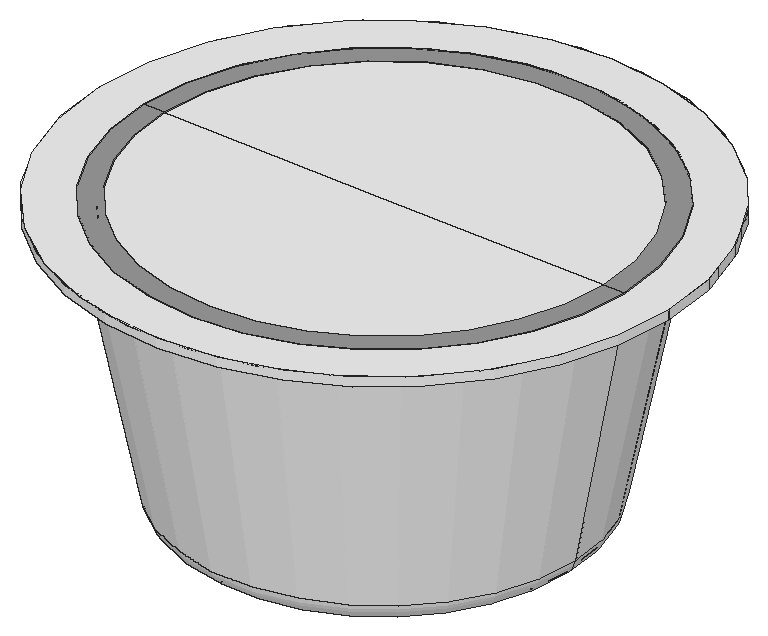
Revit family "2060705", category Lighting Fixtures, host Face, Revit 2018
Family settings
  Host = Face
  Round Connector Dimension = Use Diameter
  Part Type = Normal
  OmniClass Number = 23.80.70.11.17
  OmniClass Title = Specialized Lighting by Location or Use
  Cut with Voids When Loaded = No
  Light Source = Yes
  Shared = No
  Room Calculation Point = No
Parameters (values of type "2060705 ASC100 II ARCH 2675 4K IP65 DALI EMG 160")
  WidthBezelAcc_SYL = 25.0 mm
  Weight = "n/a"
  Wattage = 7 W
  WarrantyStartDate [instance] = "n/a"
  WarrantyGuarantorParts = "n/a"
  WarrantyDurationUnit = "n/a"
  WarrantyDurationParts = ""
  WarrantyDescription = "http://www.sylvania-lighting.com"
  built-in parameter 1150110 = 1 (stored number, unit not read)
  Voltage = 0 V
  VisibilityAccessory_SYL = no
  TypeName = "ASCENT 100 II ARCH 2675 4K IP65 DALI EMG 160"
  built-in parameter 1114217 = 1 (stored number, unit not read)
  Tilt Angle = -90°
  built-in parameter 1150109 = 1 (stored number, unit not read)
  built-in parameter 1150134 = (empty or 0)
  built-in parameter 1150113 = 1 (stored number, unit not read)
  SerialNumber [instance] = "n/a"
  ReflectorRadius_SYL = Radius_SYL - 14.5 mm  # 80.0 mm
  RadiusAcc_SYL = 104.5 mm
  Radius_SYL = 94.5 mm
  URL = "0.95"
  PowerFactor = 0
  PowerConsumption = "Lighting"
  Photometric Web File = "2060705.ies"
  NominalWidth = 0.0 mm
  NominalLength = 209.0 mm
  NominalHeight = 94.0 mm
  Name = "ASCENT 100 II ARCH 2675 4K IP65 DALI EMG 160"
  ModelReference = "ASCENT 100 II ARCH 2675 4K IP65 DALI EMG 160"
  ModelNumber = "2060705"
  Material_4_SYL = none
  Material_3_SYL = Polycarbonate_Sylvania_Ascent_Opal
  Material_2_SYL = Aluminium_Sylvania_Ascent_Silver
  Material_1_SYL = Aluminum_Sylvania_Ascent_White
  Material = "Feilo Sylvania"
  ManufacturerName = "116 lm/W"
  LuminousEfficacy = ""
  built-in parameter 1150105 = 76.872 (stored number, unit not read)
  Lumens = 966 lm
  LuminaireType = "0"
  built-in parameter 1150115 = 1 (stored number, unit not read)
  LightOutputRatio = "LED"
  built-in parameter 1150137 = (empty or 0)
  built-in parameter 1150139 = (empty or 0)
  LampsType = Lamp  # "n/a"
  LampNominalLuminous = "4000 K"
  LampMacAdamStep = "80"
  LampColourTemperature = "LED"
  LampColourRenderingIndex = "16500"
  built-in parameter 1150112 = 1 (stored number, unit not read)
  built-in parameter 1150114 = 1 (stored number, unit not read)
  Keynote = "n/a"
  InstallationDate [instance] = "n/a"
  InputVoltage = "0"
  InputNominalFrequency = "4000"
  built-in parameter 1150132 = (empty or 0)
  built-in parameter 1150102 = (empty or 0)
  built-in parameter 1150107 = 3000 (stored number, unit not read)
  built-in parameter 1150138 = (empty or 0)
  IngressProtection = "IfcLightFixtureType"
  ImpactProtectionIndex = "IfcLightFixtureType"
  built-in parameter 1150106 = 0.76872 (stored number, unit not read)
  IfcExportType = "IfcLightFixtureType"
  IfcExportAs = "Class II"
  HeightAcc_SYL = 7.0 mm
  Height = 96.0 mm
  ExpectedLife = 50000
  EmittionSurface_SYL = if(VisibilityAccessory_SYL, 7.0 mm, 3.0 mm)  # 3.0 mm
  Emit from Circle Diameter = DiffuserRadius_SYL * 2  # 146.0 mm
  Emit Shape Visible in Rendering = no
  ElectricShockClassification = "116"
  built-in parameter 1150104 = 12.821 (stored number, unit not read)
  DurationUnit = "hours"
  DocumentationLiterature = "http://www.sylvania-lighting.com/product/en-int/products/2060705"
  DimmingControlOptions = "n/a"
  Dimming Lamp Color Temperature Shift = <None>
  DiffuserRadius_SYL = ReflectorRadius_SYL - 7.0 mm  # 73.0 mm
  Diameter_SYL = 2 * Radius_SYL  # 189.0 mm
  CutoutDiameter_SYL = Diameter_SYL - 13.0 mm  # 176.0 mm
  CreatedOn = "08/06/2021"
  CreatedBy = "@sylvania-lighting.com"
  Color Filter = 16777215
  built-in parameter 1114216 [instance] = 1 (stored number, unit not read)
  Model = "ASCENT 100 II ARCH 2675 4K IP65 DALI EMG 160"
  Manufacturer = ""
  Lamp = "n/a"
  Description = "Direct LED retro fit for original LED 100 Arch (160) single CFL lamp offering Matching lumen levels and improved light distribution of original LED 100 CFL lamp equivalents Typically half the power consumption compared to CFL Up to 112lm/W 160mm aperture Architectural reflector accepts range of glass accessories from existing LED 100 Arch 160 offering HE, HO and VHO versions equivalent of single 1 x 18W, 1 x 32W, 1 x 42W\r\n Additional VVHO versions which offer the performance circa 2 x 32W equivalent"  # constant formula
  Default Elevation = 0.0 mm
  built-in parameter 1140040 [instance] = 1
  BarCode [instance] = "n/a"
  built-in parameter 1114218 = 1 (stored number, unit not read)
  built-in parameter 1150133 = 10 (stored number, unit not read)
  AssetType = "Fixed"
  AssetIdentifier [instance] = "n/a"
  Assembly Code = "D5020200"
  Apparent Load = 23 VA
  Aperture_SYL = 2 * ReflectorRadius_SYL  # 160.0 mm
Reference planes
  plane 1 "Center (Front/Back)": y = 0
  plane 2: z = 0
  plane 3 "Center (Left/Right)": x = 0
  plane 4 "Fixture Bottom": z = 3
  plane 5: z = -52.5
  plane 6 "Fixture Top": z = -89
  plane 7: x = -104.5
  plane 8: z = 7
  plane 9: x = -79.5
  plane 10: z = 5
  plane 11: x = -102.5
Forms (mm)
  Extrusion 1, solid, material "Aluminum_Sylvania_Ascent_White", detail levels fine
    sketch origin (0, 0, 0) x (1, 0, 0) y (0, 1, 0)
      loop
        circle (0, 0) r 94.5
      loop
        circle (0, 0) r 80
    from 0 to 3
  Extrusion 2, void
    sketch origin (0, 0, 0) x (1, 0, 0) y (0, 1, 0)
      loop
        circle (0, 0) r 88
    from -89 to 3
  Revolve 3, solid, material "Aluminum_Sylvania_Ascent_White" <- "Material_1_SYL", detail levels fine
    sketch origin (0, 0, 0) x (1, 0, 0) y (0, 0, 1)
      loop
        line (0, -89.073) -> (0, -87.023) -> (-55.468, -87.014)
        arc (-55.468, -87.014) -> (-59.352, -85.613) -> (-61.54, -82.139) r 6.307
        line (-61.54, -82.139) -> (-77.991, -2.838) -> (-77.991, 0) -> (-80, 0) -> (-80, -3) -> (-63.5, -82.536)
        arc (-63.5, -82.536) -> (-60.643, -87.203) -> (-55.5, -89.073) r 8.291
        line (-55.5, -89.073) -> (0, -89.073)
      axis (0, 0) -> (0, -89.073)
    angle from 0 to 360
  Revolve 4, solid, material "Aluminium_Sylvania_Ascent_Silver" <- "Material_2_SYL", detail levels fine
    sketch origin (0, 0, 0) x (1, 0, 0) y (0, 0, 1)
      loop
        line (-80, 3) -> (-80, 0) -> (-75, 0)
        arc (-75, 0) -> (-72.349, -26.77) -> (-64.5, -52.5) r 136.5
        line (-64.5, -52.5) -> (-58, -52.5)
        arc (-58, -52.5) -> (-56.857, -61.521) -> (-53.5, -69.971) r 36.166
        line (-53.5, -69.971) -> (0, -69.971) -> (0, -50.5) -> (-63.16, -50.5)
        arc (-63.16, -50.5) -> (-70.517, -25.725) -> (-73, 0) r 134.5
        line (-73, 0) -> (-73, 3) -> (-80, 3)
      axis (0, 3) -> (0, -69.971)
    angle from 0 to 360
  Revolve 5, solid, material "Aluminum_Sylvania_Ascent_White" <- "Material_1_SYL", detail levels medium+fine
    sketch origin (0, 0, 0) x (1, 0, 0) y (0, 0, 1)
      loop
        line (0, -89.073) -> (0, 3) -> (-94.5, 3) -> (-94.5, 0) -> (-79.5, 0) -> (-79.5, -3) -> (-63, -82.536)
        arc (-63, -82.536) -> (-60.143, -87.203) -> (-55, -89.073) r 8.291
        line (-55, -89.073) -> (0, -89.073)
      axis (0, 3) -> (0, -89.073)
    angle from 0 to 360
  Revolve 6, solid, material "Aluminum_Sylvania_Ascent_White" <- "Material_1_SYL", visible <- "VisibilityAccessory_SYL", detail levels medium+fine
    sketch origin (0, 0, 0) x (1, 0, 0) y (0, 0, 1)
      loop
        line (-104.5, 0) -> (-102.5, 0) -> (-102.5, 5) -> (-79.5, 5) -> (-79.5, 7) -> (-104.5, 7) -> (-104.5, 0)
      axis (0, 7) -> (0, 0)
    angle from 0 to 360
  Extrusion 7, solid, detail levels coarse
    sketch origin (0, 0, 0) x (1, 0, 0) y (0, 0, 1)
      loop
        line (104.421, 7) -> (-104.5, 7) -> (-104.5, -89) -> (104.421, -89) -> (104.421, 7)
    from -104.368 to 104.563
Lines and regions (mm)
  reference lines
    curve 1: line (-149.5, 0, 3) -> (125, 0, 3)
Dimensions and locks
  locked: plane 4 "Fixture Bottom" to plane 2 at 3
  "ReflectorRadius_SYL": plane 3 "Center (Left/Right)" to Revolve 4 sketch curve
  locked: Revolve 4 sketch curve to Revolve 4 sketch curve at 15.5
  locked: Revolve 4 sketch curve to Revolve 4 sketch curve at 5
  locked: Revolve 4 sketch curve to Revolve 4 sketch curve at 7
  locked: Revolve 4 sketch curve to Revolve 4 sketch curve at 22
  locked: Revolve 4 sketch curve to Revolve 4 sketch curve at 26.5
  locked: Revolve 3 sketch curve to Revolve 3 sketch curve at 16.5
  locked: Revolve 3 sketch curve to Revolve 3 sketch curve at 24.5
  "ReflectorRadius_SYL": Revolve 3 sketch curve to plane 3 "Center (Left/Right)"
  locked: Revolve 3 sketch curve to plane 6 "Fixture Top" at 6.464
  locked: plane 2 to Revolve 3 sketch curve at 3
  locked: Revolve 3 sketch curve to Revolve 3 sketch curve at 2
  locked: Revolve 3 sketch curve to Revolve 3 sketch curve at 2.009
  locked: plane 2 to plane 5 at 52.5
  locked: Revolve 5 sketch curve to Revolve 5 sketch curve at 31.5
  locked: Revolve 5 sketch curve to Revolve 5 sketch curve at 39.5
  locked: Revolve 5 sketch curve to Revolve 5 sketch curve at 15
  "Radius_SYL": plane 3 "Center (Left/Right)" to Revolve 5 sketch curve
  "RadiusAcc_SYL": plane 3 "Center (Left/Right)" to plane 7
  "HeightAcc_SYL": plane 8 to level
  locked: plane 7 to plane 11 at 2
  locked: plane 8 to plane 10 at 2
  "Height": plane 6 "Fixture Top" to plane 8
  "CutoutDiameter_SYL": diameter of Extrusion 2 sketch curve
  "ReflectorRadius_SYL": radius of Extrusion 1 sketch curve
  "Radius_SYL": radius of Extrusion 1 sketch curve
  aligned and locked: host face to plane 2
  aligned and locked: host face to level
  aligned and locked: plane 4 "Fixture Bottom" to Extrusion 1
  aligned and locked: Extrusion 1 to plane 2
  aligned and locked: Revolve 3 sketch curve to plane 3 "Center (Left/Right)"
  aligned and locked: Revolve 4 sketch curve to plane 3 "Center (Left/Right)"  (x2)
  aligned and locked: plane 4 "Fixture Bottom" to Revolve 4 sketch curve
  aligned and locked: plane 2 to Revolve 3 sketch curve  (x2)
  aligned and locked: Revolve 5 sketch curve to plane 3 "Center (Left/Right)"
  aligned and locked: plane 6 "Fixture Top" to Extrusion 2
  aligned and locked: Revolve 6 sketch curve to plane 3 "Center (Left/Right)"
  aligned and locked: host face to Revolve 6 sketch curve  (x2)
  aligned and locked: Revolve 6 sketch curve to plane 7
  aligned and locked: plane 8 to Revolve 6 sketch curve
  aligned and locked: plane 9 to Revolve 6 sketch curve
  aligned and locked: Revolve 6 sketch curve to plane 10
  aligned and locked: plane 11 to Revolve 6 sketch curve
  aligned and locked: plane 3 "Center (Left/Right)" to imposter light
  aligned and locked: imposter light to plane 1 "Center (Front/Back)"
  aligned and locked: imposter light to curve 1
Automatic sketch dimensions
  plane 1 "Center (Front/Back)" to Extrusion 2 sketch curve = 0.0 mm
  Extrusion 2 sketch curve to plane 3 "Center (Left/Right)" = 0.0 mm
  Extrusion 1 sketch curve to Extrusion 1 sketch curve = 0.0 mm  (x2)
  plane 1 "Center (Front/Back)" to Extrusion 1 sketch curve = 0.0 mm
  Extrusion 1 sketch curve to plane 3 "Center (Left/Right)" = 0.0 mm
  plane 6 "Fixture Top" to Revolve 3 sketch curve = 0.073 mm
  Revolve 3 sketch curve to plane 6 "Fixture Top" = 6.861 mm
  Revolve 3 sketch curve to Revolve 3 sketch curve = 0.003 mm
  Revolve 3 sketch curve to Revolve 3 sketch curve = 0.009 mm  (x2)
  Revolve 3 sketch curve to Revolve 3 sketch curve = 0.023 mm
  Revolve 3 sketch curve to Revolve 3 sketch curve = 0.072 mm
  Revolve 3 sketch curve to Revolve 3 sketch curve = 0.008 mm
  Revolve 3 sketch curve to plane 6 "Fixture Top" = 1.977 mm
  Revolve 3 sketch curve to Revolve 3 sketch curve = 33.496 mm
  Revolve 3 sketch curve to Revolve 3 sketch curve = 0.028 mm
  plane 4 "Fixture Bottom" to Revolve 3 sketch curve = 82.431 mm
  Revolve 4 sketch curve to Revolve 4 sketch curve = 0.0 mm  (x2)
  Revolve 4 sketch curve to plane 5 = 0.0 mm
  Revolve 4 sketch curve to level = 0.0 mm
  plane 5 to Revolve 4 sketch curve = 2.0 mm
  plane 4 "Fixture Bottom" to Revolve 4 sketch curve = 9.642 mm
  Revolve 4 sketch curve to level = 69.971 mm
  Revolve 4 sketch curve to Revolve 4 sketch curve = 2.387 mm
  Revolve 5 sketch curve to level = 0.0 mm
  Revolve 5 sketch curve to plane 3 "Center (Left/Right)" = 0.0 mm
  Revolve 5 sketch curve to Revolve 5 sketch curve = 8.104 mm
  Revolve 5 sketch curve to level = 3.0 mm
  Revolve 5 sketch curve to plane 6 "Fixture Top" = 6.464 mm
  plane 6 "Fixture Top" to Revolve 5 sketch curve = 0.073 mm
  Revolve 5 sketch curve to Revolve 5 sketch curve = 33.496 mm
  plane 4 "Fixture Bottom" to Revolve 5 sketch curve = 82.431 mm
  host sketch curve to host sketch curve = 1704.996 mm
  host sketch curve to host sketch curve = 1500.0 mm
  plane 6 "Fixture Top" to Revolve 6 sketch curve = 281.274 mm
  Revolve 6 sketch curve to plane 8 = 1140.706 mm
  Revolve 3 sketch curve to plane 3 "Center (Left/Right)" = 0.0 mm
  Revolve 5 sketch curve to plane 4 "Fixture Bottom" = 0.0 mm
  plane 7 to curve 1 = 45.0 mm
  plane 3 "Center (Left/Right)" to curve 1 = 125.0 mm
  curve 1 to plane 4 "Fixture Bottom" = 0.0 mm
  plane 7 to Extrusion 7 sketch curve = 0.0 mm
  Extrusion 7 sketch curve to plane 6 "Fixture Top" = 0.0 mm
  Extrusion 7 sketch curve to plane 8 = 0.0 mm
  plane 3 "Center (Left/Right)" to Extrusion 7 sketch curve = 104.421 mm
Connectors
  electrical at (0, 0, -89.073), driven by "Apparent Load"
    settings: on Revolve 3, index 1, voltage 240 V, apparent load 0 VA, apparent load phase1 23 VA, apparent load phase2 0 VA, apparent load phase3 0 VA, power factor 1, load classification "Lighting", number of poles 1, system type 31, power factor state 1, is connector primary yes, connector utility no, sub classification motor no, connector description ""
